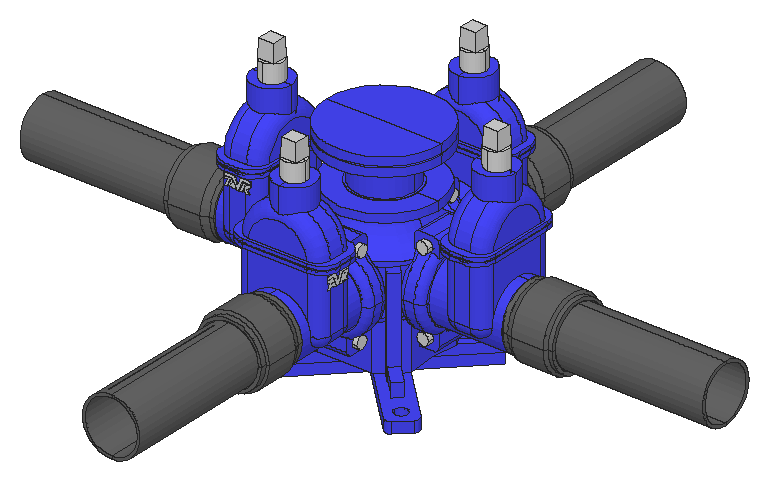
Revit family "18-01-010 DN100 Combicross without BL_CAP", category Pipe Accessories, Revit 2022
Family settings
  Round Connector Dimension = Use Diameter
  Part Type = Valve - Breaks Into
  Work Plane-Based = No
  Always vertical = Yes
  Cut with Voids When Loaded = No
  Shared = No
Parameters (values of type "DN100_Without Blind Cap")
  test = 100 mm  # constant formula
  URL_product_pages = "https://www.avkvalves.com/P.aspx?no=1810001BBBB94764"
  Search_table = "18-01-010 DN100 Combicross without BL_CAP"
  Rib_dim2 = 510 mm * 0.04  # 20.4 mm
  Rib_dim1 = 55 mm * 0.2  # 11 mm
  Raised_dis = size_lookup(Search_table, "Raised_dis", 0 mm, DN)  # 3 mm
  Rib_dim3 = PCD * 0.45  # 180 mm
  PCD = 510 mm - 110 mm  # 400 mm
  L3 = size_lookup(Search_table, "L3", 0 mm, DN)  # 0 mm
  L = size_lookup(Search_table, "L", 0 mm, DN) / 2  # 652.5 mm
  Hole_dia = 26 mm / 2  # 13 mm
  H3-H1 = H3 - H1  # 306 mm
  H3 = size_lookup(Search_table, "H3", 0 mm, DN)  # 491 mm
  H1 = size_lookup(Search_table, "H1", 0 mm, DN)  # 185 mm
  FL_T = size_lookup(Search_table, "FL_T", 0 mm, DN)  # 16 mm
  Description_ = "COMBI-CROSS, PE PIPE ENDS, PN16"
  Default Elevation = 0 mm
  DN100_Without Blind Cap = "18-100-01-BBBB94764"
  DN = 100.1 mm
  Conn.3 = size_lookup(Search_table, "Conn.3", 0 mm, DN)  # 110 mm
  Conn.2 = size_lookup(Search_table, "Conn.2", 0 mm, DN)  # 110 mm
  Conn.1 = size_lookup(Search_table, "Conn.1", 0 mm, DN)  # 110 mm
  L4 = size_lookup(Search_table, "L4", 0 mm, DN)  # 281 mm
  Centre_Flange_OD = size_lookup(Search_table, "Centre_Flange_OD", 0 mm, DN) / 2  # 110 mm
  Centre_Bnt_H = size_lookup(Search_table, "Centre_Bnt_H", 0 mm, DN)  # 85 mm
  Centre_dis = size_lookup(Search_table, "Centre_dis", 0 mm, DN) / 2  # 110 mm
  Centre_B_H = size_lookup(Search_table, "Centre_B_H", 0 mm, DN)  # 137 mm
  C_to_connection = size_lookup(Search_table, "C_to_connection", 0 mm, DN)  # 110 mm
  C_FL_D = size_lookup(Search_table, "C_FL_D", 0 mm, DN) / 2  # 103.5 mm
  C_Bnt_OD = Bore * 1.25  # 62.562 mm
  Bore = DN / 2  # 50.05 mm
  Body_T = size_lookup(Search_table, "Body_T", 0 mm, DN)  # 7.5 mm
  Bnt_RR = Centre_dis * 0.85  # 93.5 mm
  55/2 = 55 mm / 2  # 27.5 mm
  510 = 510 mm / 2  # 255 mm
  320 = 320 mm / 2  # 160 mm
  30 = 30 mm  # constant formula
  20 = 20 mm  # constant formula
  2 = 2 mm  # constant formula
  185 = 185 mm  # constant formula
  15 = 15 mm  # constant formula
  10 = 10 mm  # constant formula
  1 = 150 mm  # constant formula
Reference planes
  plane 1 "Center (Front/Back)": y = 0
  plane 2: z = 0
  plane 3 "Center (Left/Right)": x = 0
  plane 4: through (0, 0, 1200) normal (-0.7071, 0.7071, 0)
  plane 5: through (0, 0, 1200) normal (-0.7071, -0.7071, 0)
  plane 6: z = 50.05
  plane 7: z = -50.05
  plane 8: z = 137
  plane 9: z = 121
  plane 10: x = -50.05
  plane 11: x = 50.05
  plane 12: x = -110
  plane 13: x = 110
  plane 14: z = 222
  plane 15: z = 219
  plane 16: z = 238
  plane 17: z = 306
  plane 18: x = -110
  plane 19: x = 110
  plane 20: y = 110
  plane 21: y = -110
  plane 22: through (124.616, -485.241, 1200) normal (0.7071, 0.7071, 0)
  plane 23: z = -185
  plane 24: z = -155
  plane 25: through (-593.135, 232.511, 1200) normal (0.7071, 0.7071, 0)
  plane 26: y = -75
  plane 27: x = -75
  plane 28: through (-126.931, 487.555, 1200) normal (0.7071, 0.7071, 0)
  plane 29: through (-400.771, -40.147, 1200) normal (-0.7071, 0.7071, 0)
  plane 30: through (-24.107, -384.732, 1200) normal (-0.7071, 0.7071, 0)
  plane 31: through (58.234, 97.33, 1200) normal (0.7071, 0.7071, 0)
  plane 32: through (-97.33, -58.234, 1200) normal (0.7071, 0.7071, 0)
  plane 33: through (58.234, -97.33, 1200) normal (-0.7071, 0.7071, 0)
  plane 34: through (-97.33, 58.234, 1200) normal (-0.7071, 0.7071, 0)
  plane 35: x = -652.5
  plane 36: x = 652.5
  plane 37: y = 652.5
  plane 38: y = -652.5
  plane 39: x = -371.5
Forms (mm)
  Revolve 1, solid, material "Laminate, Blue, Matte"
    sketch origin (0, 0, -71.799) x (1, 0, 0) y (0, 0, 1)
      loop
        line (-110, 129.349) -> (-110, 121.849) -> (-50.05, 121.849) -> (-50.05, 192.799) -> (-57.55, 192.799)
        arc (-57.55, 192.799) -> (-74.618, 153.505) -> (-110, 129.349) r 77.241
      axis (0, 192.799) -> (0, 121.849)
    angle from 0 to 360
  Revolve 2, solid, material "Laminate, Blue, Matte"
    sketch origin (0, 0, 0) x (1, 0, 0) y (0, 0, 1)
      loop
        line (110, 219) -> (93.5, 219) -> (93.5, 222) -> (50.05, 222) -> (50.05, 137) -> (57.55, 137) -> (57.55, 203) -> (110, 203) -> (110, 219)
      axis (0, 222) -> (0, 137)
    angle from 0 to 360
  Extrusion 3, solid, material "Laminate, Blue, Matte"
    sketch origin (-442.62, -1524, 137) x (-1, 0, 0) y (0, -1, 0)
      loop
        circle (-442.62, -1524) r 62.562
      loop
        circle (-442.62, -1524) r 50.05
    from 0 to -16
  Revolve 4, solid, material "Laminate, Blue, Matte"
    sketch origin (0, 0, 0) x (1, 0, 0) y (0, 0, 1)
      loop
        line (-110, 238) -> (-110, 222) -> (0, 222) -> (0, 238) -> (-110, 238)
      axis (0, 222) -> (0, 238)
    angle from 0 to 360
  Revolve 5, solid, material "Laminate, Blue, Matte"
    sketch origin (0, 0, 0) x (1, 0, 0) y (0, 0, 1)
      loop
        line (0, 50.05) -> (-110, 50.05) -> (-110, -37.55)
        arc (-110, -37.55) -> (-104.142, -51.692) -> (-90, -57.55) r 20
        line (-90, -57.55) -> (0, -57.55) -> (0, 50.05)
      axis (0, 50.05) -> (0, -57.55)
    angle from 0 to 360
  Revolve 6, solid, material "Laminate, Blue, Matte"
    sketch origin (0, 0, 0) x (1, 0, 0) y (0, 0, 1)
      loop
        line (-103.5, 137) -> (-103.5, 121) -> (0, 121) -> (0, 137) -> (-103.5, 137)
      axis (0, 137) -> (0, 121)
    angle from 0 to 360
  Extrusion 7, solid, material "Laminate, Blue, Matte"
    sketch origin (0, 0, 0) x (1, 0, 0) y (0, 0, 1)
      loop
        circle (0, 0) r 50.05
    from -110 to 110
  Extrusion 8, solid, material "Laminate, Blue, Matte"
    sketch origin (0, 0, 0) x (0, 1, 0) y (0, 0, 1)
      loop
        circle (0, 0) r 50.05
    from -110 to 110
  Extrusion 9, solid, material "Laminate, Blue, Matte"
    sketch origin (-49.134, 0, 0) x (1, 0, 0) y (0, 1, 0)
      loop
        line (-143.552, -167.938) -> (-118.804, -192.687)
        arc (-118.804, -192.687) -> (-111.733, -195.616) -> (-104.662, -192.687) r 10
        line (-104.662, -192.687) -> (49.134, -38.891) -> (202.93, -192.687)
        arc (202.93, -192.687) -> (210.001, -195.616) -> (217.072, -192.687) r 10
        line (217.072, -192.687) -> (241.821, -167.938)
        arc (241.821, -167.938) -> (244.75, -160.867) -> (241.821, -153.796) r 10
        line (241.821, -153.796) -> (88.025, 0) -> (241.821, 153.796)
        arc (241.821, 153.796) -> (244.75, 160.867) -> (241.821, 167.938) r 10
        line (241.821, 167.938) -> (217.072, 192.687)
        arc (217.072, 192.687) -> (210.001, 195.616) -> (202.93, 192.687) r 10
        line (202.93, 192.687) -> (49.134, 38.891) -> (-104.662, 192.687)
        arc (-104.662, 192.687) -> (-111.733, 195.616) -> (-118.804, 192.687) r 10
        line (-118.804, 192.687) -> (-143.552, 167.938)
        arc (-143.552, 167.938) -> (-146.481, 160.867) -> (-143.552, 153.796) r 10
        line (-143.552, 153.796) -> (10.243, 0) -> (-143.552, -153.796)
        arc (-143.552, -153.796) -> (-146.481, -160.867) -> (-143.552, -167.938) r 10
      loop
        circle (-110.866, -160) r 13
      loop
        circle (209.134, 160) r 13
      loop
        circle (209.134, -160) r 13
      loop
        circle (-110.866, 160) r 13
    from -135 to -155
  Extrusion 10, solid, material "Laminate, Blue, Matte"
    sketch origin (-49.134, 0, 0) x (1, 0, 0) y (0, 1, 0)
      loop
        arc (-3.047, 94.607) -> (-27.479, 76.7) -> (-46.1, 52.808) r 110
        arc (-46.1, 52.808) -> (-41.272, 0.032) -> (-46.043, -52.75) r 292.624
        arc (-46.043, -52.75) -> (-27.398, -76.625) -> (-2.949, -94.509) r 110
        arc (-2.949, -94.509) -> (49.097, -92.019) -> (101.146, -94.438) r 553.032
        arc (101.146, -94.438) -> (126.039, -77.141) -> (145.266, -53.705) r 110
        arc (145.266, -53.705) -> (140.16, -0.031) -> (145.209, 53.648) r 286.287
        arc (145.209, 53.648) -> (126.939, 77.806) -> (102.773, 96.065) r 110
        arc (102.773, 96.065) -> (50.035, 82.866) -> (-3.047, 94.607) r 118.493
    from -135 to 0
  Extrusion 11, solid, material "Laminate, Blue, Matte"
    sketch origin (-49.134, 0, 0) x (1, 0, 0) y (0, 1, 0)
      loop
        line (49.134, 14.142) -> (-71.074, 134.35) -> (-85.216, 120.208) -> (34.992, 0) -> (-85.216, -120.208) -> (-71.074, -134.35) -> (49.134, -14.142) -> (169.342, -134.35) -> (183.484, -120.208) -> (63.276, 0) -> (183.484, 120.208) -> (169.342, 134.35) -> (49.134, 14.142)
    from -185 to -110
  Extrusion 12, solid, material "Laminate, Blue, Matte"
    sketch origin (-49.134, 0, 0) x (1, 0, 0) y (0, 1, 0)
      loop
        line (104.713, 71.135) -> (120.269, 55.579) -> (149.119, 84.429) -> (133.563, 99.985) -> (104.713, 71.135)
      loop
        line (-50.851, -84.429) -> (-35.294, -99.985) -> (-6.444, -71.135) -> (-22.001, -55.579) -> (-50.851, -84.429)
      loop
        line (149.119, -84.429) -> (120.269, -55.579) -> (104.713, -71.135) -> (133.563, -99.985) -> (149.119, -84.429)
      loop
        line (-6.444, 71.135) -> (-35.294, 99.985) -> (-50.851, 84.429) -> (-22.001, 55.579) -> (-6.444, 71.135)
    from -155 to 50.05
Dimensions and locks
  equal spacing: plane 6, level, plane 7
  "Bore": plane 6 to level
  "Centre_B_H": plane 8 to level
  "FL_T": plane 8 to plane 9
  equal spacing: plane 11, plane 3 "Center (Left/Right)", plane 10
  "Bore": plane 3 "Center (Left/Right)" to plane 10
  "Body_T": plane 10 to Revolve 1 sketch curve
  equal spacing: plane 13, plane 3 "Center (Left/Right)", plane 12
  "Centre_dis": plane 3 "Center (Left/Right)" to plane 12
  "Centre_Bnt_H": plane 8 to plane 14
  "Raised_dis": Revolve 2 sketch curve to plane 14
  "Body_T": Revolve 2 sketch curve to plane 11
  "Raised_dis": plane 15 to plane 14
  "FL_T": Revolve 2 sketch curve to plane 15
  "Bnt_RR": Revolve 2 sketch curve to plane 3 "Center (Left/Right)"
  equal spacing: Extrusion 3 sketch curve, plane 3 "Center (Left/Right)", Extrusion 3 sketch curve  (x2)
  equal spacing: Extrusion 3 sketch curve, plane 1 "Center (Front/Back)", Extrusion 3 sketch curve  (x2)
  "FL_T": plane 16 to plane 14
  "H3-H1": plane 17 to level
  "Body_T": plane 7 to Revolve 5 sketch curve
  "C_FL_D": plane 3 "Center (Left/Right)" to Revolve 6 sketch curve
  equal spacing: Extrusion 7 sketch curve, plane 3 "Center (Left/Right)", Extrusion 7 sketch curve
  equal spacing: Extrusion 7 sketch curve, level, Extrusion 7 sketch curve
  equal spacing: Extrusion 7, plane 1 "Center (Front/Back)", Extrusion 7
  "C_to_connection": Extrusion 7 to plane 1 "Center (Front/Back)"
  equal spacing: plane 19, plane 3 "Center (Left/Right)", plane 18
  "C_to_connection": plane 3 "Center (Left/Right)" to plane 18
  equal spacing: Extrusion 8 sketch curve, plane 1 "Center (Front/Back)", Extrusion 8 sketch curve
  equal spacing: Extrusion 8 sketch curve, level, Extrusion 8 sketch curve
  equal spacing: Extrusion 8, plane 3 "Center (Left/Right)", Extrusion 8
  equal spacing: plane 20, plane 1 "Center (Front/Back)", plane 21
  "C_to_connection": plane 20 to plane 1 "Center (Front/Back)"
  equal spacing: Extrusion 9 sketch curve, plane 4, Extrusion 9 sketch curve
  "55/2": Extrusion 9 sketch curve to plane 4
  "510": plane 5 to Extrusion 9 sketch curve
  "510": plane 5 to plane 22
  "185": level to plane 23
  "30": Extrusion 9 to plane 23
  "30": plane 24 to plane 23
  "20": Extrusion 9 to plane 24
  "510": plane 5 to plane 25
  "510": plane 28 to plane 5
  Extrusion 9 sketch curve to Extrusion 9 sketch curve = 55 mm
  "510": plane 29 to plane 4
  "510": plane 4 to plane 30
  "Body_T": Revolve 1 sketch curve to plane 6
  "Centre_Flange_OD": plane 31 to plane 5
  equal spacing: Extrusion 12 sketch curve, plane 4, Extrusion 12 sketch curve  (x2)
  "Rib_dim2": plane 31 to Extrusion 12 sketch curve
  "Rib_dim2": Extrusion 12 sketch curve to plane 31
  "Rib_dim1": Extrusion 12 sketch curve to plane 4
  equal spacing: Extrusion 12 sketch curve, plane 5, Extrusion 12 sketch curve  (x2)
  "Rib_dim2": Extrusion 12 sketch curve to plane 32
  "Rib_dim2": plane 33 to Extrusion 12 sketch curve
  "Rib_dim2": Extrusion 12 sketch curve to plane 33
  "Rib_dim2": plane 34 to Extrusion 12 sketch curve
  "Rib_dim1": Extrusion 12 sketch curve to plane 5
  "Rib_dim1": plane 5 to Extrusion 12 sketch curve
  equal spacing: Extrusion 9 sketch curve, plane 5, Extrusion 9 sketch curve
  "320": Extrusion 9 sketch curve to plane 3 "Center (Left/Right)"  (x2)
  "320": plane 3 "Center (Left/Right)" to Extrusion 9 sketch curve  (x2)
  equal spacing: Extrusion 11 sketch curve, plane 4, Extrusion 11 sketch curve  (x2)
  equal spacing: Extrusion 11 sketch curve, plane 5, Extrusion 11 sketch curve  (x2)
  "10": Extrusion 11 sketch curve to plane 5
  "10": plane 4 to Extrusion 11 sketch curve
  "Rib_dim3": Extrusion 11 sketch curve to plane 5
  "Rib_dim3": Extrusion 11 sketch curve to plane 4
  equal spacing: Extrusion 10 sketch curve, plane 5, Extrusion 10 sketch curve  (x2)
  "30": plane 5 to Extrusion 10 sketch curve
  equal spacing: Extrusion 10 sketch curve, plane 4, Extrusion 10 sketch curve  (x2)
  "30": Extrusion 10 sketch curve to plane 5
  "30": plane 4 to Extrusion 10 sketch curve  (x2)
  plane 17 to plane 23 = 491 mm
  level to plane 23 = 185 mm
  "L": plane 35 to plane 3 "Center (Left/Right)"
  "L": plane 3 "Center (Left/Right)" to plane 36
  "L": plane 1 "Center (Front/Back)" to plane 37
  equal spacing: plane 38, plane 1 "Center (Front/Back)", plane 37
  plane 35 to plane 36 = 1305 mm
  plane 37 to plane 38 = 1305 mm
  "L4": plane 35 to plane 39
  "Bore": radius of Extrusion 3 sketch curve
  "C_Bnt_OD": radius of Extrusion 3 sketch curve
  "Bore": radius of Extrusion 7 sketch curve
  "Bore": radius of Extrusion 8 sketch curve
  "Hole_dia": radius of Extrusion 9 sketch curve  (x4)
  "10": radius of Extrusion 9 sketch curve  (x8)
  "Centre_dis": radius of Extrusion 10 sketch curve  (x4)
  aligned and locked: level to plane 2
  aligned and locked: Revolve 1 sketch curve to plane 3 "Center (Left/Right)"
  aligned and locked: Revolve 1 sketch curve to plane 6
  aligned and locked: plane 10 to Revolve 1 sketch curve
  aligned and locked: plane 9 to Revolve 1 sketch curve
  aligned and locked: Revolve 1 sketch curve to plane 12
  aligned and locked: Revolve 2 sketch curve to plane 3 "Center (Left/Right)"
  aligned and locked: plane 8 to Revolve 2 sketch curve
  aligned and locked: Revolve 2 sketch curve to plane 11
  aligned and locked: plane 14 to Revolve 2 sketch curve
  aligned and locked: plane 13 to Revolve 2 sketch curve
  aligned and locked: plane 8 to Extrusion 3
  aligned and locked: Extrusion 3 to plane 9
  aligned and locked: plane 16 to Revolve 4 sketch curve
  aligned and locked: plane 12 to Revolve 4 sketch curve
  aligned and locked: plane 14 to Revolve 4 sketch curve
  aligned and locked: Revolve 4 sketch curve to plane 3 "Center (Left/Right)"
  aligned and locked: Revolve 4 sketch curve to plane 16
  aligned and locked: plane 3 "Center (Left/Right)" to Revolve 5 sketch curve
  aligned and locked: plane 6 to Revolve 5 sketch curve
  aligned and locked: Revolve 5 sketch curve to plane 3 "Center (Left/Right)"
  aligned and locked: Revolve 6 sketch curve to plane 3 "Center (Left/Right)"  (x2)
  aligned and locked: Revolve 6 sketch curve to plane 8
  aligned and locked: plane 9 to Revolve 6 sketch curve
  aligned and locked: Extrusion 8 to plane 18
  aligned and locked: Extrusion 9 sketch curve to plane 22
  aligned and locked: level to Extrusion 10
  aligned and locked: Extrusion 9 sketch curve to plane 28
  aligned and locked: Extrusion 9 sketch curve to Extrusion 9 sketch curve  (x2)
  aligned and locked: plane 30 to Extrusion 9 sketch curve
  aligned and locked: Extrusion 9 sketch curve to plane 29
  aligned and locked: Extrusion 11 sketch curve to Extrusion 11 sketch curve  (x4)
  aligned and locked: Extrusion 11 to plane 23
  aligned and locked: Extrusion 12 sketch curve to Extrusion 12 sketch curve  (x4)
  aligned and locked: Extrusion 12 to plane 24
  aligned and locked: plane 6 to Extrusion 12
  aligned and locked: plane 18 to nested 1
  aligned and locked: plane 3 "Center (Left/Right)" to nested 3
  aligned and locked: nested 3 to plane 21
  aligned and locked: nested 2 to plane 19
  aligned and locked: nested 2 to plane 1 "Center (Front/Back)"
  aligned and locked: plane 20 to nested 4
  aligned and locked: nested 4 to plane 3 "Center (Left/Right)"
Automatic sketch dimensions
  Revolve 4 sketch curve to plane 3 "Center (Left/Right)" = 0 mm
  plane 16 to Revolve 4 sketch curve = 85 mm
  Revolve 1 sketch curve to plane 8 = 6.082 mm
  Revolve 1 sketch curve to plane 9 = 32.024 mm
  plane 8 to Revolve 1 sketch curve = 16.976 mm
  Revolve 2 sketch curve to plane 17 = 11.711 mm
  plane 17 to Revolve 2 sketch curve = 3.289 mm
  Revolve 5 sketch curve to plane 12 = 0 mm
  plane 12 to Revolve 5 sketch curve = 20 mm
  Revolve 5 sketch curve to Revolve 5 sketch curve = 31 mm
  Revolve 5 sketch curve to plane 9 = 15 mm
  Revolve 6 sketch curve to plane 9 = 20 mm
  Revolve 6 sketch curve to Revolve 6 sketch curve = 25 mm
  plane 1 "Center (Front/Back)" to Extrusion 9 sketch curve = 0 mm  (x2)
  Extrusion 9 sketch curve to plane 3 "Center (Left/Right)" = 0 mm  (x2)
  Extrusion 9 sketch curve to plane 5 = 0 mm
  Extrusion 9 sketch curve to plane 4 = 0 mm  (x2)
  plane 1 "Center (Front/Back)" to Extrusion 10 sketch curve = 0.129 mm
  Extrusion 10 sketch curve to plane 39 = 11.53 mm
  Extrusion 10 sketch curve to plane 3 "Center (Left/Right)" = 0.731 mm
  plane 3 "Center (Left/Right)" to Extrusion 10 sketch curve = 0.01 mm
  plane 3 "Center (Left/Right)" to Extrusion 10 sketch curve = 0.016 mm
  Extrusion 10 sketch curve to plane 1 "Center (Front/Back)" = 0.007 mm
  plane 3 "Center (Left/Right)" to Extrusion 10 sketch curve = 0.04 mm
  plane 3 "Center (Left/Right)" to Extrusion 10 sketch curve = 0.34 mm
  plane 3 "Center (Left/Right)" to Extrusion 10 sketch curve = 2.288 mm
  Extrusion 10 sketch curve to plane 1 "Center (Front/Back)" = 0.121 mm
  plane 13 to Extrusion 10 sketch curve = 267.313 mm
  plane 38 to Extrusion 10 sketch curve = 7.449 mm
Nested families
  nested 1: "Gate valve DN100" at (-215, 0, 0), type "Gate valve DN100"
  nested 2: "Gate valve DN100" at (215, 0, 0) x (-1, 0, 0) z (0, 0, 1), type "Gate valve DN100"
  nested 3: "Gate valve DN100" at (0, -215, 0) x (0, 1, 0) z (0, 0, 1), type "Gate valve DN100"
  nested 4: "Gate valve DN100" at (0, 215, 0) x (0, -1, 0) z (0, 0, 1), type "Gate valve DN100"
Connectors
  piping at (-653, 0, 0), diameter 100.1, driven by "DN"
    settings: on nested 1, index 1, connector inside diameter 609.6 mm, connector length 0 mm, flow factor 0, pipe flow 0.0 L/s, pressure drop 0.0 Pa, fitting loss kfactor 0, connector angle 0.00°, fixture units 0, engagement length 0 mm, angle of deflection 0.00°, flow configuration 0, flow direction 0, fitting loss method 0, system type 7, joint type 0, gender type 0, connector reference index -1, connector utility 0, adjustable connector no, is connector primary yes, connector description ""
  piping at (653, 0, 0), diameter 100.1, driven by "DN"
    settings: on nested 2, index 2, connector inside diameter 609.6 mm, connector length 0 mm, flow factor 0, pipe flow 0.0 L/s, pressure drop 0.0 Pa, fitting loss kfactor 0, connector angle 0.00°, fixture units 0, engagement length 0 mm, angle of deflection 0.00°, flow configuration 0, flow direction 0, fitting loss method 0, system type 7, joint type 0, gender type 0, connector reference index -1, connector utility 0, adjustable connector no, is connector primary no, connector description ""
  piping at (0, 653, 0), diameter 100.1, driven by "DN"
    settings: on nested 4, index 3, connector inside diameter 609.6 mm, connector length 0 mm, flow factor 0, pipe flow 0.0 L/s, pressure drop 0.0 Pa, fitting loss kfactor 0, connector angle 0.00°, fixture units 0, engagement length 0 mm, angle of deflection 0.00°, flow configuration 0, flow direction 0, fitting loss method 0, system type 7, joint type 0, gender type 0, connector reference index -1, connector utility 0, adjustable connector no, is connector primary no, connector description ""
  piping at (0, -653, 0), diameter 100.1, driven by "DN"
    settings: on nested 3, index 4, connector inside diameter 609.6 mm, connector length 0 mm, flow factor 0, pipe flow 0.0 L/s, pressure drop 0.0 Pa, fitting loss kfactor 0, connector angle 0.00°, fixture units 0, engagement length 0 mm, angle of deflection 0.00°, flow configuration 0, flow direction 0, fitting loss method 0, system type 7, joint type 0, gender type 0, connector reference index -1, connector utility 0, adjustable connector no, is connector primary no, connector description ""
Definition of nested family "Gate valve DN100"
  Parameters (values of type "Gate valve DN100")
    max_H = size_lookup(Search_table, "max_H", 0 mm, DN)  # 78 mm
    Width = size_lookup(Search_table, "Width", 0 mm, DN) / 2  # 23.5 mm
    Stem_Hole = 22 mm  # constant formula
    Stem_H = 47 mm  # constant formula
    Stem_F2 = 34 mm  # constant formula
    Stem_F1 = 30 mm / 2  # 15 mm
    Stem_F = 28 mm / 2  # 14 mm
    Search_table = "Gate valve"
    SctoF = size_lookup(Search_table, "SctoF", 0 mm, DN)  # 543 mm
    Polymer = (H33 - HH) * 0.95  # 64.6 mm
    PE_dis1 = PE_dis * 0.1  # 9.6 mm
    PE_dis = size_lookup(Search_table, "PE_dis", 0 mm, DN)  # 96 mm
    PE_dia1 = PE_dia * 0.9  # 61.65 mm
    PE_dia = size_lookup(Search_table, "PE_dia", 0 mm, DN) / 2  # 68.5 mm
    L4 = size_lookup(Search_table, "L4", 0 mm, DN)  # 281 mm
    L/2 = L * 0.5  # 652.5 mm
    L = size_lookup(Search_table, "L", 0 mm, DN)  # 1305 mm
    Inner_Width = size_lookup(Search_table, "Inner_Width", 0 mm, DN)  # 32.5 mm
    HH = size_lookup(Search_table, "HH", 0 mm, DN)  # 306 mm
    H33-HH = (H33 - HH)  # 68 mm
    H33 = size_lookup(Search_table, "H33", 0 mm, DN)  # 374 mm
    H3-H1 = H3 - H1  # 306 mm
    H3 = size_lookup(Search_table, "H3", 0 mm, DN)  # 491 mm
    H1 = size_lookup(Search_table, "H1", 0 mm, DN)  # 185 mm
    Default Elevation = 1219.2 mm
    DN = 100 mm
    D = size_lookup(Search_table, "D", 0 mm, DN) / 2  # 55 mm
    CtoSocket = size_lookup(Search_table, "CtoSocket", 0 mm, DN)  # 105 mm
    CtoFit = size_lookup(Search_table, "CtoFit", 0 mm, DN)  # 157 mm
    Clamp_width = size_lookup(Search_table, "Clamp_width", 0 mm, DN) / 2  # 98 mm
    Clamp_w_T = size_lookup(Search_table, "Clamp_w_T", 0 mm, DN)  # 11 mm
    Clamp_W_H = size_lookup(Search_table, "Clamp_W_H", 0 mm, DN)  # 35 mm
    Clamp_R = size_lookup(Search_table, "Clamp_R", 0 mm, DN)  # 60.5 mm
    Bore = DN / 2  # 50 mm
    Bont_dim2 = Stem_Hole * 1.7  # 37.4 mm
    Bont_R = size_lookup(Search_table, "Bont_R", 0 mm, DN)  # 35 mm
    Body_T = size_lookup(Search_table, "Body_T", 0 mm, DN)  # 7.5 mm
    Body_R = 25 mm  # constant formula
    Bnt_FL_W = size_lookup(Search_table, "Bnt_FL_W", 0 mm, DN) / 2  # 97 mm
    Bnt_FL_L = Bdy_W * 1.18  # 47.2 mm
    Bdy_W = size_lookup(Search_table, "Bdy_W", 0 mm, DN) / 2  # 40 mm
    Bdy_Rib_L = size_lookup(Search_table, "Bdy_Rib_L", 0 mm, DN) / 2  # 42.5 mm
    Bdy_OD_R = size_lookup(Search_table, "Bdy_OD_R", 0 mm, DN)  # 67 mm
    Bdy_L = size_lookup(Search_table, "Bdy_L", 0 mm, DN) / 2  # 82 mm
    Bdy_H = size_lookup(Search_table, "Bdy_H", 0 mm, DN)  # 122 mm
    Bdy_FL_T = size_lookup(Search_table, "Bdy_FL_T", 0 mm, DN)  # 7.5 mm
    5 = 10 mm  # constant formula
    1 = 1 mm  # constant formula
  Reference planes
    plane 1 "Center (Front/Back)": y = 0
    plane 2: z = 0
    plane 3 "Center (Left/Right)": x = 0
    plane 4: z = 50
    plane 5: z = -50
    plane 6: x = -438
    plane 7: x = 105
    plane 8: y = -82
    plane 9: y = -57
    plane 10: y = 82
    plane 11: y = 57
    plane 12: z = 122
    plane 13: z = 306
    plane 14: z = 272
    plane 15: z = 272
    plane 16: z = 272
    plane 17: x = -157
    plane 18: x = -61
    plane 19: y = 61.65
    plane 20: x = 40
    plane 21: z = 78
    plane 22: z = 78
    plane 23: y = 35
    plane 24: z = 55
  Forms (mm)
    Extrusion 1, solid
      sketch origin (0, 0, 0) x (1, 0, 0) y (0, 1, 0)
        loop
          line (-20, 15.981) -> (-20, -7.599) -> (20.031, -7.599) -> (20.031, 15.981) -> (-20, 15.981)
      from 0 to 3.871
    Revolve 2, solid
      sketch origin (0, 0, 0) x (1, 0, 0) y (0, 0, 1)
        loop
          line (-438, 55) -> (-438, 50) -> (-157, 50) -> (-157, 55) -> (-438, 55)
        axis (-438, 0) -> (-157, 0)
      angle from 0 to 360
    Extrusion 3, solid
      sketch origin (0, 0, 0) x (1, 0, 0) y (0, 1, 0)
        loop
          arc (-15, 82) -> (-32.678, 74.678) -> (-40, 57) r 25
          line (-40, 57) -> (-40, -57)
          arc (-40, -57) -> (-32.678, -74.678) -> (-15, -82) r 25
          line (-15, -82) -> (15, -82)
          arc (15, -82) -> (32.678, -74.678) -> (40, -57) r 25
          line (40, -57) -> (40, 57)
          arc (40, 57) -> (32.678, 74.678) -> (15, 82) r 25
          line (15, 82) -> (-15, 82)
      from 0 to 122
    Revolve 4, solid
      sketch origin (0, 0, 0) x (1, 0, 0) y (0, 1, 0)
        loop
          arc (-40, -57) -> (-32.678, -74.678) -> (-15, -82) r 25
          line (-15, -82) -> (15, -82)
          arc (15, -82) -> (32.678, -74.678) -> (40, -57) r 25
          line (40, -57) -> (-40, -57)
        axis (-40, -57) -> (40, -57)
      angle from 0 to 360
    Revolve 5, solid
      sketch origin (0, 0, 0) x (1, 0, 0) y (0, 1, 0)
        loop
          line (-40, 57) -> (40, 57)
          arc (40, 57) -> (32.494, 74.333) -> (15.006, 81.468) r 25
          line (15.006, 81.468) -> (-15.006, 81.468)
          arc (-15.006, 81.468) -> (-32.494, 74.333) -> (-40, 57) r 25
        axis (40, 57) -> (-40, 57)
      angle from 0 to 360
    Revolve 6, solid
      sketch origin (-493.771, -4572, 122) x (-1, 0, 0) y (0, -1, 0)
        loop
          arc (-478.771, -4654) -> (-461.093, -4646.678) -> (-453.771, -4629) r 25
          line (-453.771, -4629) -> (-453.771, -4572) -> (-533.771, -4572) -> (-533.771, -4629)
          arc (-533.771, -4629) -> (-526.449, -4646.678) -> (-508.771, -4654) r 25
          line (-508.771, -4654) -> (-478.771, -4654)
        axis (-453.771, -4572) -> (-533.771, -4572)
      angle from 0 to -180
    Extrusion 7, solid
      sketch origin (-493.771, -4572, 122) x (-1, 0, 0) y (0, -1, 0)
        loop
          arc (-481.571, -4669) -> (-456.822, -4658.749) -> (-446.571, -4634) r 35
          line (-446.571, -4634) -> (-446.571, -4510)
          arc (-446.571, -4510) -> (-456.822, -4485.251) -> (-481.571, -4475) r 35
          line (-481.571, -4475) -> (-505.971, -4475)
          arc (-505.971, -4475) -> (-530.72, -4485.251) -> (-540.971, -4510) r 35
          line (-540.971, -4510) -> (-540.971, -4634)
          arc (-540.971, -4634) -> (-530.72, -4658.749) -> (-505.971, -4669) r 35
          line (-505.971, -4669) -> (-481.571, -4669)
      from -7.5 to 7.5
    Sweep 8, void
      path in 3D
        loop
          arc (12.2, -97, 129.5) -> (36.949, -86.749, 129.5) -> (47.2, -62, 129.5) r 35
          line (47.2, -62, 129.5) -> (47.2, 62, 129.5)
          arc (47.2, 62, 129.5) -> (36.949, 86.749, 129.5) -> (12.2, 97, 129.5) r 35
          line (12.2, 97, 129.5) -> (-12.2, 97, 129.5)
          arc (-12.2, 97, 129.5) -> (-36.949, 86.749, 129.5) -> (-47.2, 62, 129.5) r 35
          line (-47.2, 62, 129.5) -> (-47.2, -62, 129.5)
          arc (-47.2, -62, 129.5) -> (-36.949, -86.749, 129.5) -> (-12.2, -97, 129.5) r 35
          line (-12.2, -97, 129.5) -> (12.2, -97, 129.5)
      profile origin (0, -97, 129.5) x (0, 1, 0) y (0, 0, 1)
        loop
          circle (0, -7.5) r 1
    Revolve 9, solid
      sketch origin (0, 0, 0) x (0, 1, 0) y (0, 0, 1)
        loop
          line (0, 272) -> (-22, 272) -> (-22, 122) -> (0, 122) -> (0, 272)
        axis (0, 272) -> (0, 122)
      angle from 0 to 360
    Revolve 10, solid
      sketch origin (0, 0, 0) x (1, 0, 0) y (0, 0, 1)
        loop
          line (0, 122) -> (37.4, 122) -> (37.4, 238) -> (0, 238) -> (0, 122)
        axis (0, 238) -> (0, 122)
      angle from 0 to 360
    Blend 11, solid
      base sketch origin (-122.707, -4572, 272) x (-1, 0, 0) y (0, -1, 0)
        loop
          line (-108.707, -4586) -> (-108.707, -4558) -> (-136.707, -4558) -> (-136.707, -4586) -> (-108.707, -4586)
      top sketch origin (-122.707, -4572, 272) x (-1, 0, 0) y (0, -1, 0)
        loop
          line (-107.707, -4587) -> (-107.707, -4557) -> (-137.707, -4557) -> (-137.707, -4587) -> (-107.707, -4587)
      from 34 to 0
    Extrusion 12, solid
      sketch origin (0, 0, 0) x (1, 0, 0) y (0, 0, 1)
        loop
          line (-23.918, 96.897) -> (-23.918, 92.626) -> (-18.918, 92.626) -> (-23.918, 80.401) -> (-18.918, 80.401) -> (-17.873, 82.958) -> (-10.679, 82.958) -> (-8.889, 80.401) -> (-3.889, 80.401) -> (-11.233, 96.897) -> (-23.918, 96.897)
        loop
          line (-16.916, 87.448) -> (-12.014, 87.448) -> (-14.569, 93.187) -> (-16.916, 87.448)
        loop
          line (-23.918, 103.623) -> (-23.918, 98.623) -> (-9.985, 98.623) -> (-1.872, 80.401) -> (2.613, 80.401) -> (10.066, 98.623) -> (25.066, 98.623) -> (25.066, 103.623) -> (6.51, 103.623) -> (0, 87.706) -> (-5.793, 103.623) -> (-23.918, 103.623)
        loop
          line (11.596, 97.227) -> (4.714, 80.401) -> (9.714, 80.401) -> (12.401, 86.971) -> (17.001, 80.401) -> (23.155, 80.401) -> (17.448, 87.448)
          arc (17.448, 87.448) -> (20.917, 89.098) -> (23.144, 92.227) r 7.64
          line (23.144, 92.227) -> (25.066, 92.227) -> (25.066, 97.227) -> (19.932, 97.227) -> (19.583, 95.483)
          arc (19.583, 95.483) -> (17.625, 92.244) -> (14.05, 91.003) r 5.574
          line (14.05, 91.003) -> (16.596, 97.227) -> (11.596, 97.227)
      from 82 to 83
    Revolve 13, solid
      sketch origin (0, 0, 0) x (1, 0, 0) y (0, 1, 0)
        loop
          line (-144.315, 68.5) -> (-147.4, 62.65) -> (-157, 62.65) -> (-157, 57) -> (-61, 57) -> (-61, 62.65) -> (-70.6, 62.65) -> (-83, 68.5) -> (-144.315, 68.5)
        axis (-157, 0) -> (-61, 0)
      angle from 0 to 360
    Revolve 14, solid
      sketch origin (0, 0, 0) x (1, 0, 0) y (0, 0, 1)
        loop
          line (-47, 50) -> (-61, 50) -> (-61, 0) -> (-47, 0) -> (-47, 50)
        axis (-61, 0) -> (-47, 0)
      angle from 0 to 360
    Revolve 15, solid
      sketch origin (0, 0, 0) x (1, 0, 0) y (0, 1, 0)
        loop
          line (128.5, 50) -> (128.5, 64)
          arc (128.5, 64) -> (124.399, 73.899) -> (114.5, 78) r 14
          line (114.5, 78) -> (95.5, 78)
          arc (95.5, 78) -> (85.601, 73.899) -> (81.5, 64) r 14
          line (81.5, 64) -> (81.5, 50) -> (128.5, 50)
        axis (81.5, 0) -> (128.5, 0)
      angle from 0 to 360
    Extrusion 16, solid
      sketch origin (0, 0, 0) x (1, 0, 0) y (0, 0, 1)
        loop
          arc (91.5, 98) -> (84.429, 95.071) -> (81.5, 88) r 10
          line (81.5, 88) -> (81.5, 64) -> (128.5, 64) -> (128.5, 88)
          arc (128.5, 88) -> (125.571, 95.071) -> (118.5, 98) r 10
          line (118.5, 98) -> (91.5, 98)
        loop
          line (81.5, -64) -> (81.5, -88)
          arc (81.5, -88) -> (84.429, -95.071) -> (91.5, -98) r 10
          line (91.5, -98) -> (118.5, -98)
          arc (118.5, -98) -> (125.571, -95.071) -> (128.5, -88) r 10
          line (128.5, -88) -> (128.5, -64) -> (81.5, -64)
      from -35 to 35
    Extrusion 17, solid
      sketch origin (0, 0, 0) x (1, 0, 0) y (0, 0, 1)
        loop
          circle (106.499, 78) r 11
        loop
          circle (105, -78) r 11
      from -45 to 45
    Extrusion 18, solid
      sketch origin (105, -4572, 279.192) x (0, 0, 1) y (0, -1, 0)
        loop
          circle (-279.192, -4572) r 61.65
        loop
          circle (-279.192, -4572) r 50
      from -166 to 0
  Cuts and joins
    Sweep 8 cuts Extrusion 7
  Lines and regions (mm)
    sketch lines
      curve 1: line (-12.2, -97, 129.5) -> (12.2, -97, 129.5)
      curve 2: arc (-12.2, -97, 129.5) -> (-36.949, -86.749, 129.5) -> (-47.2, -62, 129.5) r 35
      curve 3: arc (47.2, -62, 129.5) -> (36.949, -86.749, 129.5) -> (12.2, -97, 129.5) r 35
      curve 4: line (47.2, -62, 129.5) -> (47.2, 62, 129.5)
      curve 5: arc (12.2, 97, 129.5) -> (36.949, 86.749, 129.5) -> (47.2, 62, 129.5) r 35
      curve 6: line (12.2, 97, 129.5) -> (-12.2, 97, 129.5)
      curve 7: line (-47.2, 62, 129.5) -> (-47.2, -62, 129.5)
      curve 8: arc (-47.2, 62, 129.5) -> (-36.949, 86.749, 129.5) -> (-12.2, 97, 129.5) r 35
  Dimensions and locks
    equal spacing: plane 4, level, plane 5
    "Bore": plane 4 to level
    equal spacing: Extrusion 3 sketch curve, plane 3 "Center (Left/Right)", Extrusion 3 sketch curve
    equal spacing: Extrusion 3 sketch curve, plane 1 "Center (Front/Back)", Extrusion 3 sketch curve
    "Bdy_W": Extrusion 3 sketch curve to plane 3 "Center (Left/Right)"
    "Bdy_L": plane 1 "Center (Front/Back)" to Extrusion 3 sketch curve
    "Bdy_L": plane 8 to plane 1 "Center (Front/Back)"
    "Body_R": plane 9 to plane 8
    "Bdy_L": plane 1 "Center (Front/Back)" to plane 10
    "CtoSocket": plane 7 to plane 3 "Center (Left/Right)"
    "Bdy_H": plane 12 to level
    equal spacing: Revolve 6 sketch curve, plane 3 "Center (Left/Right)", Revolve 6 sketch curve
    "Bdy_L": plane 1 "Center (Front/Back)" to Revolve 6 sketch curve
    "Bdy_W": Revolve 6 sketch curve to plane 3 "Center (Left/Right)"
    equal spacing: Extrusion 7 sketch curve, plane 3 "Center (Left/Right)", Extrusion 7 sketch curve
    equal spacing: Extrusion 7 sketch curve, plane 1 "Center (Front/Back)", Extrusion 7 sketch curve
    "Bnt_FL_W": plane 1 "Center (Front/Back)" to Extrusion 7 sketch curve
    "Bnt_FL_L": plane 3 "Center (Left/Right)" to Extrusion 7 sketch curve
    equal spacing: Extrusion 7, plane 12, Extrusion 7
    "Bdy_FL_T": Extrusion 7 to plane 12
    "1": Sweep 8 sketch curve to plane 12
    "Bnt_FL_W": plane 1 "Center (Front/Back)" to Sweep 8 sketch curve
    "H3-H1": plane 13 to level
    "Stem_Hole": plane 1 "Center (Front/Back)" to Revolve 9 sketch curve
    "Stem_F2": plane 13 to plane 14
    "Bont_dim2": Revolve 10 sketch curve to plane 3 "Center (Left/Right)"
    "Stem_F2": plane 13 to plane 15
    "Stem_F2": plane 15 to Revolve 10 sketch curve
    "Stem_F2": plane 13 to plane 16
    equal spacing: Blend 11 sketch curve, plane 3 "Center (Left/Right)", Blend 11 sketch curve  (x2)
    equal spacing: Blend 11 sketch curve, plane 1 "Center (Front/Back)", Blend 11 sketch curve  (x2)
    "Stem_F": plane 3 "Center (Left/Right)" to Blend 11 sketch curve
    "Stem_F": plane 1 "Center (Front/Back)" to Blend 11 sketch curve
    "Stem_F1": plane 1 "Center (Front/Back)" to Blend 11 sketch curve
    "Stem_F1": plane 3 "Center (Left/Right)" to Blend 11 sketch curve
    "Bdy_L": plane 1 "Center (Front/Back)" to Extrusion 12
    "1": plane 8 to Extrusion 12
    "CtoFit": plane 3 "Center (Left/Right)" to plane 17
    "L4": plane 17 to plane 6
    "PE_dis": plane 18 to plane 17
    "PE_dia": plane 1 "Center (Front/Back)" to Revolve 13 sketch curve
    "PE_dia1": plane 1 "Center (Front/Back)" to plane 19
    "1": Revolve 13 sketch curve to plane 19
    "PE_dis1": plane 17 to Revolve 13 sketch curve
    "PE_dis1": Revolve 13 sketch curve to plane 18
    "Bdy_W": plane 20 to plane 3 "Center (Left/Right)"
    "Bore": level to Revolve 14 sketch curve
    "Stem_F": Revolve 14 sketch curve to plane 18
    "Bdy_W": Revolve 5 sketch curve to plane 3 "Center (Left/Right)"
    "Bdy_W": plane 3 "Center (Left/Right)" to Revolve 5 sketch curve
    plane 3 "Center (Left/Right)" to plane 18 = 61 mm
    "max_H": plane 1 "Center (Front/Back)" to Revolve 15 sketch curve
    equal spacing: Revolve 15 sketch curve, plane 7, Revolve 15 sketch curve
    "Width": Revolve 15 sketch curve to plane 7
    "Bore": plane 1 "Center (Front/Back)" to Revolve 15 sketch curve
    equal spacing: Extrusion 16 sketch curve, plane 7, Extrusion 16 sketch curve  (x2)
    "Width": Extrusion 16 sketch curve to plane 7  (x2)
    equal spacing: Extrusion 16 sketch curve, level, Extrusion 16 sketch curve  (x2)
    "max_H": plane 21 to level
    "Stem_F": plane 21 to Extrusion 16 sketch curve
    "Clamp_width": level to Extrusion 16 sketch curve
    equal spacing: Extrusion 16, plane 1 "Center (Front/Back)", Extrusion 16
    "Clamp_W_H": Extrusion 16 to plane 1 "Center (Front/Back)"
    equal spacing: Extrusion 17 sketch curve, level, Extrusion 17 sketch curve
    "max_H": plane 22 to level
    "max_H": level to Extrusion 17 sketch curve
    equal spacing: Extrusion 17, plane 1 "Center (Front/Back)", Extrusion 17
    "Clamp_W_H": plane 23 to plane 1 "Center (Front/Back)"
    "5": Extrusion 17 to plane 23
    equal spacing: Extrusion 18 sketch curve, level, Extrusion 18 sketch curve  (x2)
    equal spacing: Extrusion 18 sketch curve, plane 1 "Center (Front/Back)", Extrusion 18 sketch curve  (x2)
    "D": plane 24 to level
    "Body_R": radius of Extrusion 3 sketch curve  (x4)
    "Body_R": radius of Revolve 6 sketch curve  (x2)
    "Bont_R": radius of Extrusion 7 sketch curve  (x4)
    "1": radius of Sweep 8 sketch curve
    "Body_R": radius of Revolve 5 sketch curve  (x2)
    "Stem_F": radius of Revolve 15 sketch curve  (x2)
    "5": radius of Extrusion 16 sketch curve  (x4)
    "Stem_Hole": diameter of Extrusion 17 sketch curve  (x2)
    "Bore": radius of Extrusion 18 sketch curve
    "PE_dia1": radius of Extrusion 18 sketch curve
    aligned and locked: plane 2 to Extrusion 1
    aligned and locked: level to Extrusion 1
    aligned and locked: Revolve 2 to plane 6
    aligned and locked: Extrusion 3 to level
    aligned and locked: Revolve 4 sketch curve to Extrusion 3  (x3)
    aligned and locked: Revolve 4 sketch curve to plane 9
    aligned and locked: Revolve 5 sketch curve to plane 11  (x2)
    aligned and locked: plane 12 to Extrusion 3
    aligned and locked: Revolve 6 sketch curve to plane 1 "Center (Front/Back)"
    aligned and locked: plane 1 "Center (Front/Back)" to Revolve 6 sketch curve
    aligned and locked: Revolve 9 sketch curve to plane 1 "Center (Front/Back)"
    aligned and locked: plane 14 to Revolve 9 sketch curve
    aligned and locked: Revolve 9 sketch curve to plane 12
    aligned and locked: Revolve 9 sketch curve to Revolve 9 sketch curve
    aligned and locked: plane 3 "Center (Left/Right)" to Revolve 10 sketch curve
    aligned and locked: plane 12 to Revolve 10 sketch curve
    aligned and locked: Revolve 10 sketch curve to plane 3 "Center (Left/Right)"
    aligned and locked: plane 13 to Blend 11
    aligned and locked: Blend 11 to plane 16
    aligned and locked: Revolve 2 to plane 17
    aligned and locked: Revolve 13 sketch curve to plane 17
    aligned and locked: Revolve 13 sketch curve to Revolve 2
    aligned and locked: Revolve 13 sketch curve to plane 11
    aligned and locked: Revolve 13 sketch curve to Revolve 13 sketch curve
    aligned and locked: level to Revolve 14 sketch curve
    aligned and locked: plane 18 to Revolve 14 sketch curve
    aligned and locked: Revolve 14 sketch curve to level
    aligned and locked: Revolve 13 to plane 18
    aligned and locked: plane 1 "Center (Front/Back)" to Revolve 15 sketch curve
    aligned and locked: Extrusion 18 to plane 18
    aligned and locked: plane 7 to Extrusion 18
    aligned and locked: Revolve 2 sketch curve to plane 24
    aligned and locked: Revolve 2 sketch curve to plane 4
  Automatic sketch dimensions
    Extrusion 1 sketch curve to Extrusion 1 sketch curve = 40.031 mm
    Extrusion 1 sketch curve to Extrusion 1 sketch curve = 23.58 mm
    Revolve 4 sketch curve to Revolve 4 sketch curve = 10 mm
    Revolve 4 sketch curve to Revolve 4 sketch curve = 30 mm
    Extrusion 12 sketch curve to plane 3 "Center (Left/Right)" = 0 mm
    Extrusion 12 sketch curve to plane 3 "Center (Left/Right)" = 1.872 mm
    Extrusion 12 sketch curve to Extrusion 12 sketch curve = 2.016 mm
    Extrusion 12 sketch curve to plane 3 "Center (Left/Right)" = 5.793 mm
    Extrusion 12 sketch curve to Extrusion 12 sketch curve = 5 mm  (x5)
    Extrusion 12 sketch curve to Extrusion 12 sketch curve = 4.192 mm
    Extrusion 12 sketch curve to Extrusion 12 sketch curve = 1.79 mm
    Extrusion 12 sketch curve to Extrusion 12 sketch curve = 1.248 mm
    Extrusion 12 sketch curve to Extrusion 12 sketch curve = 1.335 mm
    Extrusion 12 sketch curve to Extrusion 12 sketch curve = 3.336 mm
    Extrusion 12 sketch curve to Extrusion 12 sketch curve = 4.902 mm
    Extrusion 12 sketch curve to Extrusion 12 sketch curve = 0.956 mm
    Extrusion 12 sketch curve to Extrusion 12 sketch curve = 4.349 mm
    Extrusion 12 sketch curve to Extrusion 12 sketch curve = 1.046 mm
    Extrusion 12 sketch curve to Extrusion 12 sketch curve = 0 mm  (x6)
    plane 3 "Center (Left/Right)" to Extrusion 12 sketch curve = 2.613 mm
    plane 3 "Center (Left/Right)" to Extrusion 12 sketch curve = 6.51 mm
    Extrusion 12 sketch curve to Extrusion 12 sketch curve = 7.101 mm
    Extrusion 12 sketch curve to Extrusion 12 sketch curve = 3.556 mm
    Extrusion 12 sketch curve to Extrusion 12 sketch curve = 2.687 mm
    Extrusion 12 sketch curve to Extrusion 12 sketch curve = 1.649 mm
    Extrusion 12 sketch curve to Extrusion 12 sketch curve = 4.051 mm
    Extrusion 12 sketch curve to Extrusion 12 sketch curve = 1.888 mm
    Extrusion 12 sketch curve to Extrusion 12 sketch curve = 0.59 mm
    Extrusion 12 sketch curve to Extrusion 12 sketch curve = 7.287 mm
    Extrusion 12 sketch curve to Extrusion 12 sketch curve = 3.398 mm
    Extrusion 12 sketch curve to Extrusion 12 sketch curve = 2.987 mm
    Extrusion 12 sketch curve to Extrusion 12 sketch curve = 0.349 mm
    Extrusion 12 sketch curve to Extrusion 12 sketch curve = 3.561 mm
    Extrusion 12 sketch curve to Extrusion 12 sketch curve = 6.153 mm
    Extrusion 12 sketch curve to Extrusion 12 sketch curve = 1.922 mm
    plane 4 to Extrusion 12 sketch curve = 30.401 mm
    Extrusion 12 sketch curve to Extrusion 12 sketch curve = 2.557 mm
    Extrusion 12 sketch curve to Extrusion 12 sketch curve = 6.57 mm
    Extrusion 12 sketch curve to Extrusion 12 sketch curve = 4.49 mm
    Extrusion 12 sketch curve to Extrusion 12 sketch curve = 0.477 mm
    Extrusion 12 sketch curve to Extrusion 12 sketch curve = 7.305 mm
    Extrusion 12 sketch curve to Extrusion 12 sketch curve = 4.032 mm
    Extrusion 12 sketch curve to Extrusion 12 sketch curve = 4.779 mm
    Extrusion 12 sketch curve to Extrusion 12 sketch curve = 5.178 mm
    Extrusion 12 sketch curve to Extrusion 12 sketch curve = 0.561 mm
    Extrusion 12 sketch curve to Extrusion 12 sketch curve = 0.532 mm
    Extrusion 12 sketch curve to Extrusion 12 sketch curve = 4.271 mm
    Extrusion 12 sketch curve to Extrusion 12 sketch curve = 2.276 mm
    Extrusion 12 sketch curve to Extrusion 12 sketch curve = 1.744 mm
    Extrusion 12 sketch curve to Extrusion 12 sketch curve = 1.396 mm
    Extrusion 12 sketch curve to Extrusion 12 sketch curve = 1.726 mm
    Extrusion 12 sketch curve to Extrusion 12 sketch curve = 2.101 mm
    Extrusion 12 sketch curve to Extrusion 12 sketch curve = 1.53 mm
    Revolve 2 sketch curve to plane 6 = 0 mm
    Revolve 2 sketch curve to plane 17 = 0 mm
    Revolve 2 sketch curve to level = 0 mm
    plane 7 to Revolve 2 sketch curve = 31.302 mm
    Revolve 2 sketch curve to Revolve 2 sketch curve = 15 mm
    Revolve 5 sketch curve to plane 11 = 0.532 mm
    plane 18 to Revolve 5 sketch curve = 0.5 mm
    Revolve 5 sketch curve to Revolve 5 sketch curve = 2.506 mm
    plane 7 to Revolve 6 sketch curve = 80.2 mm
    Revolve 6 sketch curve to Revolve 6 sketch curve = 40 mm
    Revolve 9 sketch curve to plane 14 = 49 mm
    Revolve 9 sketch curve to plane 14 = 14 mm
    plane 13 to Revolve 10 sketch curve = 84.044 mm
    Revolve 10 sketch curve to Revolve 10 sketch curve = 35 mm
    Revolve 13 sketch curve to plane 17 = 0 mm
    Revolve 13 sketch curve to plane 18 = 0 mm
    Revolve 13 sketch curve to Revolve 13 sketch curve = 3.085 mm
    Revolve 13 sketch curve to Revolve 13 sketch curve = 12.4 mm
    Revolve 13 sketch curve to plane 3 "Center (Left/Right)" = 14 mm
    Revolve 14 sketch curve to Revolve 14 sketch curve = 3 mm
    Revolve 14 sketch curve to plane 3 "Center (Left/Right)" = 9 mm
    plane 7 to Revolve 15 sketch curve = 59 mm
    Revolve 15 sketch curve to Revolve 15 sketch curve = 35 mm
    Extrusion 17 sketch curve to plane 7 = 0 mm
    plane 7 to Extrusion 17 sketch curve = 1.499 mm
  Connectors
    piping at (-438, 0, 0), diameter 100, driven by "DN"
      settings: on Revolve 2, index 1, connector inside diameter 609.6 mm, connector length 0 mm, flow factor 0, pipe flow 0.0 L/s, pressure drop 0.0 Pa, fitting loss kfactor 0, connector angle 0.00°, fixture units 0, engagement length 0 mm, angle of deflection 0.00°, flow configuration 0, flow direction 0, fitting loss method 0, system type 7, joint type 0, gender type 0, connector reference index -1, connector utility 0, adjustable connector no, is connector primary yes, connector description ""
